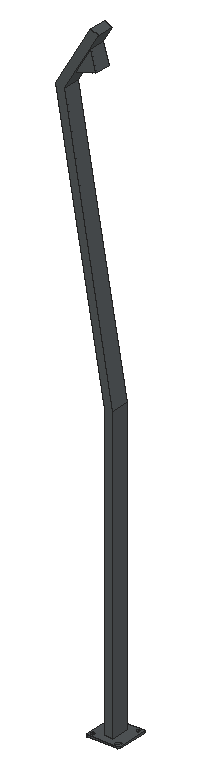
Revit family "Брейк", category Осветительные приборы, Revit 2019 (continued)
Parameters (values of type "ДТУ159с1 Светодиодный светильник Брейк ДТУ-159-AF-30Вт-4.5")
    .0 156.3 153.3 151.4 150.2 149.1 147.6\r\n 145.3 141.9 138.0 134.1 130.8 128.1 126.1 124.8 124.3 124.4 124.2 122.8 120.4 117.8 116.3 115.9 115.9 115.4 114.3 112.7 110.5\r\n 107.5 103.6 99.5 95.9 93.5 91.5 89.0 85.2 79.7 72.7 64.9 56.7 48.5 40.4 32.9 26.3 20.8 16.7 13.9 12.1 11.0 10.2 9.4 8.5 7.6 6.6\r\n 5.7 5.6\r\n325.0 298.6 276.3 261.6 253.7 250.1 246.0 240.2 233.3 227.5 223.5 220.1 216.1 210.9 206.1 202.3 200.4 198.9 196.9 193.3 188.6\r\n 183.3 178.5 174.5 171.6 168.8 165.6 161.2 156.6 153.2 151.5 150.4 148.1 143.6 137.1 130.4 124.8 121.0 118.7 117.0 115.4 113.3\r\n 110.6 107.1 103.1 98.9 94.9 91.3 88.4 86.2 84.6 83.4 82.0 80.1 77.7 75.4 73.8 73.0 72.6 71.9 70.9 69.2 67.2 64.6 61.6 58.5 55.8\r\n 53.7 52.0 50.1 47.6 44.3 40.2 35.7 31.3 27.2 23.4 20.0 16.9 14.4 12.6 11.4 10.7 10.1 9.6 8.8 8.0 7.1 6.2 5.3 4.9\r\n325.0 301.5 281.0 266.5 256.9 250.5 243.1 234.2 225.3 218.6 214.8 211.7 207.9 202.2 196.5 191.7 189.4 188.0 186.5 182.8 177.4\r\n 170.7 164.7 159.8 156.2 152.5 147.9 142.1 136.5 132.2 129.8 127.6 124.2 118.5 111.6 104.4 98.7 94.8 92.4 90.8 89.4 87.6 85.4 82.7\r\n 79.3 75.5 71.4 67.5 64.2 61.7 59.5 57.5 55.3 53.1 50.8 48.8 47.2 46.2 45.4 44.6 43.5 42.0 40.2 38.3 36.3 34.3 32.5 31.0 29.6 28.4\r\n 26.9 25.3 23.2 21.0 18.8 16.9 15.2 13.8 12.6 11.6 10.9 10.4 10.1 9.7 9.2 8.5 7.7 6.8 6.0 4.9 2.4\r\n325.0 302.6 282.7 267.8 256.6 248.1 238.6 228.4 218.6 211.4 207.6 204.7 200.9 194.7 188.0 182.0 179.0 177.6 176.5 173.1 167.0\r\n 159.1 151.7 145.6 141.0 136.4 131.2 124.9 119.0 114.4 111.3 108.4 104.5 98.9 92.5 86.1 80.8 77.0 74.7 73.2 72.1 71.0 69.6 67.8\r\n 65.2 61.9 58.0 54.3 51.2 48.6 46.3 43.8 41.3 38.9 36.7 34.9 33.3 32.2 31.2 30.4 29.5 28.3 27.0 25.6 24.3 23.2 22.2 21.1 20.0 19.1\r\n 18.3 17.6 16.9 15.9 14.7 13.6 12.6 11.9 11.4 11.0 10.7 10.4 10.0 9.6 9.0 8.3 7.6 6.8 6.0 5.1 3.8\r\n325.0 301.4 280.3 263.9 250.8 240.8 231.0 221.7 212.8 206.0 201.9 198.8 195.2 189.0 181.6 174.3 169.8 167.7 166.3 162.7 156.3\r\n 147.8 139.5 132.5 126.9 121.9 116.8 111.3 106.0 101.7 98.3 95.0 91.1 86.3 81.1 76.0 71.5 67.9 65.4 63.8 62.8 62.1 61.1 59.8 57.7\r\n 54.9 51.4 48.0 45.1 42.7 40.4 37.8 35.2 32.8 30.8 29.0 27.6 26.4 25.4 24.6 23.9 23.2 22.3 21.4 20.6 20.0 19.5 18.8 18.1 17.5 17.2\r\n 17.1 16.9 16.5 15.6 14.6 13.6 12.8 12.3 11.9 11.5 10.9 10.3 9.6 9.0 8.3 7.6 6.9 6.3 5.8 5.7\r\n325.0 298.8 275.2 256.3 241.1 230.2 221.2 214.1 207.1 201.2 196.9 193.9 191.0 185.7 178.1 169.5 162.7 158.3 155.0 150.6 144.1\r\n 136.2 128.2 121.4 115.9 111.3 107.1 103.0 98.9 95.1 91.5 87.9 84.0 80.0 76.2 72.4 68.8 65.4 62.5 60.3 58.9 58.0 57.2 56.1 54.2\r\n 51.6 48.4 45.3 42.6 40.3 38.0 35.5 33.1 30.9 29.1 27.5 26.2 25.0 24.1 23.5 23.0 22.6 22.1 21.5 21.1 20.8 20.7 20.6 20.5 20.4 20.6\r\n 20.9 21.0 20.7 19.7 18.3 16.8 15.5 14.5 13.7 12.9 12.0 10.9 9.9 9.1 8.4 7.8 7.2 6.6 6.2 7.0\r\n325.0 295.1 268.2 246.8 229.9 218.3 210.1 204.9 199.8 195.0 191.1 189.0 187.6 184.0 177.0 167.1 157.2 149.2 143.0 137.1 130.8\r\n 124.2 118.1 113.0 108.7 105.2 102.3 99.4 96.4 93.0 89.3 85.5 81.7 78.3 75.4 72.6 69.5 66.1 62.9 60.2 58.2 56.9 56.0 54.9 53.2\r\n 50.7 47.6 44.6 41.9 39.5 37.3 35.1 33.1 31.3 29.8 28.4 27.3 26.4 25.6 25.0 24.7 24.6 24.4 24.1 23.9 24.1 24.6 25.3 26.1 26.8 27.4\r\n 27.9 27.9 27.3 25.7 23.5 21.2 19.2 17.5 16.1 14.8 13.3 11.8 10.3 9.2 8.4 7.9 7.4 6.9 6.2 5.6\r\n325.0 290.9 260.9 237.6 220.0 208.1 200.2 195.4 191.2 187.2 184.2 183.3 183.6 181.9 175.8 165.1 152.4 140.8 131.5 124.2 118.2\r\n 113.6 110.0 107.3 104.9 102.7 100.7 98.5 96.0 92.9 89.3 85.5 81.9 79.0 76.7 74.3 71.4 67.9 64.5 61.5 59.2 57.6 56.5 55.4 53.7\r\n 51.2 48.1 45.0 42.1 39.7 37.6 35.8 34.3 33.0 31.9 31.0 30.2 29.5 28.9 28.5 28.3 28.3 28.3 28.4 28.7 29.5 30.8 32.5 34.2 35.6 36.5\r\n 36.8 36.3 34.9 32.3 29.0 25.7 22.9 20.5 18.5 16.6 14.6 12.6 10.7 9.3 8.4 7.8 7.5 7.0 6.2 3.9\r\n325.0 287.6 255.2 230.5 212.8 200.7 192.5 186.9 182.5 178.9 176.8 176.7 178.0 177.3 172.2 161.4 147.3 133.3 121.9 113.8 108.4\r\n 105.4 104.2 103.5 102.8 101.6 100.2 98.2 95.7 92.7 89.2 85.8 82.7 80.4 78.6 76.4 73.5 69.8 66.3 63.3 61.1 59.5 58.1 56.8 54.9\r\n 52.4 49.3 46.0 42.8 40.4 38.4 37.1 36.2 35.5 34.9 34.4 33.9 33.4 32.9 32.6 32.5 32.7 33.1 33.8 34.9 36.5 38.7 41.3 43.6 45.2 46.0\r\n 45.7 44.4 41.8 38.0 33.5 29.3 25.6 22.8 20.4 18.1 15.6 13.2 11.0 9.3 8.3 7.7 7.4 7.1 6.7 5.1\r\n325.0 286.0 252.2 226.4 208.5 196.3 187.8 181.1 176.3 172.7 171.2 171.0 171.7 170.8 166.1 155.9 141.9 127.3 115.3 106.9 102.2\r\n 100.3 100.3 100.8 101.2 100.8 99.9 98.1 95.4 92.0 88.6 85.4 83.0 81.4 80.2 78.3 75.4 71.7 68.1 65.3 63.2 61.5 60.0 58.3 56.1 53.5\r\n 50.2 46.8 43.6 41.1 39.5 38.7 38.3 38.1 37.8 37.5 37.1 36.7 36.2 35.9 35.9 36.5 37.6 39.2 41.3 43.8 46.8 49.8 52.2 53.6 53.8 52.9\r\n 50.7 47.0 42.1 36.5 31.5 27.3 24.1 21.5 18.8 16.1 13.5 11.2 9.4 8.3 7.6 7.2 6.9 6.9 10.1\r\n325.0 286.4 252.3 225.6 207.1 194.3 185.1 177.7 172.9 169.9 168.7 167.4 166.3 163.8 158.9 149.4 136.4 122.4 110.8 102.7 98.5 97.0\r\n 97.4 98.2 99.1 99.5 99.4 97.9 95.2 91.3 87.5 84.4 82.6 81.7 81.0 79.5 76.7 73.1 69.5 66.7 64.6 62.9 61.1 59.0 56.6 53.7 50.4 47.0\r\n 43.7 41.4 40.2 40.0 40.1 40.1 39.9 39.4 38.8 38.2 37.7 37.4 37.7 38.8 40.7 43.4 46.5 50.0 53.5 56.6 58.7 59.5 59.2 57.7 54.8 50.3\r\n 44.5 38.2 32.5 28.0 24.5 21.5 18.7 16.0 13.4 11.2 9.6 8.5 7.7 7.0 6.5 6.4 6.4\r\n325.0 287.9 254.4 227.3 207.7 193.6 183.4 175.7 171.6 169.6 168.5 166.1 162.9 158.6 152.8 143.6 131.6 118.6 107.8 100.2 96.2 94.6\r\n 94.9 95.6 96.7 97.7 98.3 97.4 94.8 90.5 86.5 83.4 82.0 81.4 80.9 79.6 77.0 73.4 69.8 66.9 64.8 63.1 61.2 58.9 56.2 53.1 49.7 46.3\r\n 43.3 41.4 40.7 40.9 41.2 41.1 40.6 39.8 38.8 38.0 37.4 37.3 37.9 39.6 42.3 45.8 49.7 53.9 57.8 60.9 62.7 63.1 62.4 60.7 57.4 52.4\r\n 46.0 39.1 32.9 28.0 24.1 20.9 18.0 15.3 13.0 11.2 9.8 8.7 7.8 6.9 6.1 5.1 3.4\r\n325.0 289.9 257.8 231.1 210.4 194.5 182.5 174.5 171.0 170.0 168.9 165.7 161.1 155.6 148.9 139.4 127.9 115.9 105.9 98.8 94.8 93.2\r\n 93.1 93.6 94.5 95.5 96.4 95.9 93.5 89.4 85.5 82.8 81.7 81.1 80.5 79.0 76.4 72.9 69.2 66.1 63.9 62.1 60.2 57.8 55.0 51.8 48.4 45.1\r\n 42.5 41.1 40.8 41.3 41.5 41.2 40.3 39.1 37.8 36.8 36.2 36.3 37.4 39.5 42.6 46.5 50.9 55.4 59.6 62.9 64.8 65.2 64.4 62.5 58.9 53.5\r\n 46.7 39.5 33.0 27.7 23.5 20.0 17.0 14.5 12.5 11.1 9.9 9.0 7.9 6.8 5.7 4.6 2.3\r\n325.0 291.3 261.2 236.1 215.4 197.8 183.6 174.5 170.9 169.9 168.6 165.4 160.8 155.3 148.2 138.6 127.2 115.6 105.9 98.9 94.8 93.1\r\n 92.8 93.0 93.3 93.8 94.2 93.6 91.5 88.0 84.8 82.7 81.8 81.1 80.1 78.3 75.6 72.0 68.3 65.0 62.6 60.7 58.8 56.4 53.5 50.4 47.1 44.2\r\n 42.0 41.0 41.0 41.4 41.5 41.0 39.8 38.5 37.1 36.1 35.7 36.0 37.2 39.3 42.4 46.2 50.5 55.1 59.5 63.1 65.2 65.9 65.2 63.1 59.4 53.8\r\n 46.8 39.5 33.0 27.4 23.0 19.4 16.4 14.1 12.3 11.1 10.1 9.2 8.1 6.9 5.7 4.5 4.3\r\n"
  built-in parameter 1150133 = 10 (stored number, unit not read)
  Wattage = 22.2159 W
  Материал рассеивателя = size_lookup(Таблица выбора, "M2", " ", ADSK_Артикул, ADSK_Размер_Высота)  # "Светотехнический ПК"
  built-in parameter 1150139 = (empty or 0)
  Корпус светильника = Антрацит
  Рассеиватель = Белый_светодиод
  Короб_Диаметр = 20 mm
  Климатическая зона = size_lookup(Таблица выбора, "TT", " ", ADSK_Артикул, ADSK_Размер_Высота)  # "УХЛ1"
  Класс пожароопасности = size_lookup(Таблица выбора, "F", " ", ADSK_Артикул, ADSK_Размер_Высота)  # "F (светильники предназначены для установки непосредственно на поверхность из нормально воспламеняемых материалов)"
  Класс защиты = size_lookup(Таблица выбора, "K", " ", ADSK_Артикул, ADSK_Размер_Высота)  # "1"
  built-in parameter 1150138 = (empty or 0)
  built-in parameter 1150107 = 3200 (stored number, unit not read)
  built-in parameter 1150102 = (empty or 0)
  Блок аварийного питания = no
  x2 = 30 mm
  x1 = 10 mm
  s_отверстия = 9 mm
  r_скругление фасонки = 15 mm
  l_отверстия = 20 mm
  a2 = 240 mm
  a1 = 180 mm
  S1 = 114 mm
  L_отступ до центра = 1000 mm
  L_отступ до конечной точки = 1500 mm
  IP Class = size_lookup(Таблица выбора, "I", " ", ADSK_Артикул, ADSK_Размер_Высота)  # "IP 67"
  H_конечной точки = 1500 mm
  H4 = 4479 mm
  H3 = 4055 mm
  H2 = 2097 mm
  H1 = 8 mm
  ADSK_Энергоэффективность = size_lookup(Таблица выбора, "E", 0 lm/W, ADSK_Артикул, ADSK_Размер_Высота)  # 110 lm/W
  ADSK_Фактическая мощность = size_lookup(Таблица выбора, "EF", 0 W, ADSK_Артикул, ADSK_Размер_Высота)  # 29 W
  ADSK_Ток = 0 A
  ADSK_Размер_Высота = 4500 mm
  ADSK_Примечание = ""
  ADSK_Полная мощность = 0 VA
  ADSK_Позиция = ""
  ADSK_Номинальная мощность = size_lookup(Таблица выбора, "ER", 0 W, ADSK_Артикул, ADSK_Размер_Высота)  # 30 W
  ADSK_Напряжение = 220 V  # constant formula
  ADSK_Наименование = size_lookup(Таблица выбора, "N", " ", ADSK_Артикул, ADSK_Размер_Высота)  # "ДТУ159с1 Светодиодный светильник Брейк ДТУ-159-AF-30Вт-4.5"
  ADSK_Модель = size_lookup(Таблица выбора, "M", " ", ADSK_Артикул, ADSK_Размер_Высота)  # "Брейк ДТУ-159-AF"
  ADSK_Масса_Текст = size_lookup(Таблица выбора, "M1", " ", ADSK_Артикул, ADSK_Размер_Высота)  # "41"
  ADSK_Масса = size_lookup(Таблица выбора, "MAS", 0, ADSK_Артикул, ADSK_Размер_Высота)  # 41
  ADSK_Коэффициент мощности = 0
  ADSK_Количество фаз числовое = 0
  ADSK_Количество фаз = 2  # constant formula
  ADSK_Код изделия = ""
  ADSK_Классификация нагрузок [instance] = Освещение
  ADSK_Завод-изготовитель = "ALFRESCO"  # constant formula
  ADSK_Единица измерения = "шт."  # constant formula
  ADSK_Артикул = "ДТУ159с1"
  ADSK_URL страницы изделия = "https://www.allfresco.ru/catalog/dekorativnoe_ulichnoe_osveshchenie/skaylayn/"
  60вт = no
Reference planes
  plane 1 "По центру (Вперед/Назад)": y = 0
  plane 2 "Основа": z = 0
  plane 3 "По центру (Влево/Вправо)": x = 0
  plane 4: y = 120
  plane 5: y = -120
  plane 6: x = -120
  plane 7: x = 120
  plane 8: x = -90
  plane 9: x = 90
  plane 10: y = 90
  plane 11: y = -90
  plane 12 "Верх фасонки": z = 8
  plane 13: z = 2097
  plane 14: z = 4479
  plane 15: z = 4055
  plane 16: y = 57
  plane 17: y = -57
Forms (mm)
  Extrusion 1, solid, material "Антрацит" <- "Корпус светильника", detail levels medium+fine
    sketch origin (0, 0, 0) x (1, 0, 0) y (0, 1, 0)
      loop
        arc (-105, 120) -> (-115.607, 115.607) -> (-120, 105) r 15
        line (-120, 105) -> (-120, -105)
        arc (-120, -105) -> (-115.607, -115.607) -> (-105, -120) r 15
        line (-105, -120) -> (105, -120)
        arc (105, -120) -> (115.607, -115.607) -> (120, -105) r 15
        line (120, -105) -> (120, 105)
        arc (120, 105) -> (115.607, 115.607) -> (105, 120) r 15
        line (105, 120) -> (-105, 120)
      loop
        spline (-104.142, 75.858) -> (-102.013, 74.693) -> (-99.065, 74.571) -> (-95.5, 75.5) -> (-91.56, 77.418) -> (-87.513, 80.193) -> (-83.636, 83.636) -> (-80.193, 87.513) -> (-77.418, 91.56) -> (-75.5, 95.5) -> (-74.571, 99.065) -> (-74.693, 102.013) -> (-75.858, 104.142)
        spline (-75.858, 104.142) -> (-77.987, 105.307) -> (-80.935, 105.429) -> (-84.5, 104.5) -> (-88.44, 102.582) -> (-92.487, 99.807) -> (-96.364, 96.364) -> (-99.807, 92.487) -> (-102.582, 88.44) -> (-104.5, 84.5) -> (-105.429, 80.935) -> (-105.307, 77.987) -> (-104.142, 75.858)
      loop
        spline (-75.858, -104.142) -> (-74.693, -102.013) -> (-74.571, -99.065) -> (-75.5, -95.5) -> (-77.418, -91.56) -> (-80.193, -87.513) -> (-83.636, -83.636) -> (-87.513, -80.193) -> (-91.56, -77.418) -> (-95.5, -75.5) -> (-99.065, -74.571) -> (-102.013, -74.693) -> (-104.142, -75.858)
        spline (-104.142, -75.858) -> (-105.307, -77.987) -> (-105.429, -80.935) -> (-104.5, -84.5) -> (-102.582, -88.44) -> (-99.807, -92.487) -> (-96.364, -96.364) -> (-92.487, -99.807) -> (-88.44, -102.582) -> (-84.5, -104.5) -> (-80.935, -105.429) -> (-77.987, -105.307) -> (-75.858, -104.142)
      loop
        spline (75.858, 104.142) -> (74.693, 102.013) -> (74.571, 99.065) -> (75.5, 95.5) -> (77.418, 91.56) -> (80.193, 87.513) -> (83.636, 83.636) -> (87.513, 80.193) -> (91.56, 77.418) -> (95.5, 75.5) -> (99.065, 74.571) -> (102.013, 74.693) -> (104.142, 75.858)
        spline (104.142, 75.858) -> (105.307, 77.987) -> (105.429, 80.935) -> (104.5, 84.5) -> (102.582, 88.44) -> (99.807, 92.487) -> (96.364, 96.364) -> (92.487, 99.807) -> (88.44, 102.582) -> (84.5, 104.5) -> (80.935, 105.429) -> (77.987, 105.307) -> (75.858, 104.142)
      loop
        spline (75.858, -104.142) -> (77.987, -105.307) -> (80.935, -105.429) -> (84.5, -104.5) -> (88.44, -102.582) -> (92.487, -99.807) -> (96.364, -96.364) -> (99.807, -92.487) -> (102.582, -88.44) -> (104.5, -84.5) -> (105.429, -80.935) -> (105.307, -77.987) -> (104.142, -75.858)
        spline (104.142, -75.858) -> (102.013, -74.693) -> (99.065, -74.571) -> (95.5, -75.5) -> (91.56, -77.418) -> (87.513, -80.193) -> (83.636, -83.636) -> (80.193, -87.513) -> (77.418, -91.56) -> (75.5, -95.5) -> (74.571, -99.065) -> (74.693, -102.013) -> (75.858, -104.142)
    from 0 to 8
  Sweep 2, solid, material "Антрацит" <- "Корпус светильника", detail levels medium+fine
    path origin (0, 0, 0) x (1, 0, 0) y (0, 0, 1)
      loop
        line (0, 8) -> (0, 2097) -> (-345.248, 4055) -> (-100.452, 4479)
    profile "Профиль Брейк : Профиль Брейк" origin (0, 0, 1052.5) x (-1, 0, 0) y (0, -1, 0)
      loop
        line (-30, -60) -> (30, -60) -> (30, 60) -> (-30, 60) -> (-30, -60)
  Extrusion 3, solid, material "Антрацит" <- "Корпус светильника", detail levels medium+fine
    sketch origin (0, 0, 0) x (1, 0, 0) y (0, 0, 1)
      loop
        line (-132.71, 4363.126) -> (-238.776, 4179.415) -> (-93.887, 4218.238) -> (-132.71, 4363.126)
    from -57 to 57
  Extrusion 4, solid, material "Антрацит" <- "Корпус светильника", visible <- "60вт", detail levels medium+fine
    sketch origin (-1972.835, 0, -112.241) x (-0.939693, 0, 0.34202) y (-0.34202, 0, -0.939693)
      loop
        line (-132.71, -4363.126) -> (-93.887, -4218.238) -> (-238.776, -4179.415) -> (-132.71, -4363.126)
    from -57 to 57
  Extrusion 5, solid, material "Белый_светодиод" <- "Рассеиватель", detail levels medium+fine
    sketch origin (-248.436, 0, 4176.827) x (0.965926, 0, 0.258819) y (0, -1, 0)
      loop
        line (130, 47) -> (40, 47) -> (40, -47) -> (130, -47) -> (130, 47)
    from 0 to 1
  Extrusion 6, solid, material "Белый_светодиод" <- "Рассеиватель", visible <- "60вт", detail levels medium+fine
    sketch origin (-310.823, 0, 3727.722) x (-0.819152, 0, 0.573576) y (0, 1, 0)
      loop
        line (130, 47) -> (40, 47) -> (40, -47) -> (130, -47) -> (130, 47)
    from 0 to 1
Lines and regions (mm)
  model lines, detail levels coarse
    curve 1: line (0, 0, 0) -> (0, 0, 2097)
    curve 2: line (0, 0, 2097) -> (-345.248, 0, 4055)
    curve 3: line (-345.248, 0, 4055) -> (-100.452, 0, 4479)
    curve 4: line (-120, 0, 0) -> (120, 0, 0)
    curve 5: line (-119.868, 0, 4233.238) -> (-158.691, 0, 4378.126)
    curve 6: line (-264.757, 0, 4194.415) -> (-119.868, 0, 4233.238)
  model lines, visible <- "60вт", detail levels coarse
    curve 7: line (-326.307, 0, 3947.576) -> (-412.343, 0, 3824.703)
    curve 8: line (-412.343, 0, 3824.703) -> (-289.47, 0, 3738.667)
Dimensions and locks
  equal spacing: plane 6, plane 3 "По центру (Влево/Вправо)", plane 7
  "a2": plane 6 to plane 7
  equal spacing: plane 4, plane 1 "По центру (Вперед/Назад)", plane 5
  "a2": plane 4 to plane 5
  equal spacing: plane 8, plane 3 "По центру (Влево/Вправо)", plane 9
  "a1": plane 8 to plane 9
  equal spacing: plane 10, plane 1 "По центру (Вперед/Назад)", plane 11
  "a1": plane 10 to plane 11
  "H1": plane 12 "Верх фасонки" to plane 2 "Основа"
  "H2": plane 13 to plane 2 "Основа"
  "H3": plane 15 to plane 2 "Основа"
  "H4": plane 14 to plane 2 "Основа"
  "l_отверстия": Extrusion 1 sketch curve to Extrusion 1 sketch curve
  "s_отверстия": Extrusion 1 sketch curve to Extrusion 1 sketch curve
  equal spacing: plane 16, plane 1 "По центру (Вперед/Назад)", plane 17
  "S1": plane 16 to plane 17
  Sweep 2 to Extrusion 4 = 120 mm
  Sweep 2 to Extrusion 3 = 150.063 mm
  "x2": Extrusion 5 sketch curve to Extrusion 3
  "x2": Extrusion 3 to Extrusion 5 sketch curve
  "x1": Extrusion 3 to Extrusion 5 sketch curve
  "x1": Extrusion 5 sketch curve to Extrusion 3
  "x2": Extrusion 4 to Extrusion 6 sketch curve
  "x2": Extrusion 6 sketch curve to Extrusion 4
  "x1": Extrusion 6 sketch curve to Extrusion 4  (x2)
  "r_скругление фасонки": radius of Extrusion 1 sketch curve  (x4)
  locked: Sweep 2 sketch curve to Sweep 2 sketch curve (angle 170.00°)
  angle Sweep 2 sketch curve to Sweep 2 sketch curve = 140.00°
  aligned and locked: level to plane 2 "Основа"
  aligned and locked: Extrusion 1 sketch curve to plane 4
  aligned and locked: plane 6 to Extrusion 1 sketch curve
  aligned and locked: Extrusion 1 sketch curve to plane 7
  aligned and locked: plane 5 to Extrusion 1 sketch curve
  aligned and locked: Extrusion 1 to level
  aligned and locked: plane 12 "Верх фасонки" to Extrusion 1
  aligned and locked: plane 10 to Extrusion 1 sketch curve  (x2)
  aligned and locked: plane 8 to Extrusion 1 sketch curve  (x2)
  aligned and locked: plane 11 to Extrusion 1 sketch curve  (x2)
  aligned and locked: plane 9 to Extrusion 1 sketch curve  (x2)
  aligned and locked: plane 3 "По центру (Влево/Вправо)" to Sweep 2 sketch curve
  aligned and locked: plane 12 "Верх фасонки" to Sweep 2 sketch curve
  aligned and locked: plane 13 to Sweep 2 sketch curve
  aligned and locked: plane 15 to Sweep 2 sketch curve
  aligned and locked: plane 14 to Sweep 2 sketch curve
  aligned and locked: Extrusion 3 to plane 16
  aligned and locked: Extrusion 3 to plane 17
  aligned and locked: Extrusion 5 to Extrusion 3
  aligned and locked: Extrusion 6 to Extrusion 4
  aligned and locked: curve 4 to plane 2 "Основа"
  aligned and locked: plane 6 to curve 4
  aligned and locked: plane 7 to curve 4
  aligned and locked: plane 3 "По центру (Влево/Вправо)" to curve 1
  aligned and locked: plane 2 "Основа" to curve 1
  aligned and locked: plane 13 to curve 2
  aligned and locked: plane 15 to curve 3
  aligned and locked: plane 14 to curve 3
  aligned and locked: plane 3 "По центру (Влево/Вправо)" to nested 1
  aligned and locked: plane 1 "По центру (Вперед/Назад)" to nested 1
  aligned and locked: imposter light to Extrusion 3  (x2)
Automatic sketch dimensions
  curve 3 to plane 8 = 10.452 mm
  Extrusion 3 sketch curve to plane 6 = 118.776 mm
  Extrusion 3 sketch curve to plane 6 = 12.71 mm
  Extrusion 3 sketch curve to plane 8 = 3.887 mm
  plane 15 to Extrusion 3 sketch curve = 124.415 mm
  Extrusion 3 sketch curve to Extrusion 3 sketch curve = 38.823 mm
  Extrusion 4 sketch curve to plane 6 = 199.014 mm
  Extrusion 4 sketch curve to plane 15 = 321.542 mm
  Extrusion 4 sketch curve to Extrusion 4 sketch curve = 106.066 mm
  Extrusion 4 sketch curve to Extrusion 4 sketch curve = 38.823 mm  (x2)
  curve 2 to curve 7 = 18.942 mm
  curve 5 to plane 6 = 38.691 mm
  plane 15 to curve 6 = 139.415 mm
  plane 6 to curve 5 = 0.132 mm
  curve 6 to curve 5 = 144.889 mm
  curve 8 to plane 6 = 169.47 mm
  curve 7 to plane 15 = 230.297 mm
  plane 8 to Extrusion 1 sketch curve = 14.142 mm
  Extrusion 1 sketch curve to plane 9 = 14.142 mm  (x2)
Nested families
  nested 1: "УГО план" at (0, 0, 0), type "УГО план"
Connectors
  cabletrayconduit at (0, 0, 0), diameter 20, driven by "Короб_Диаметр"
    settings: on Extrusion 1, index 1, connector width 300 mm, connector height 300 mm, connector angle 0.00°, system type 32, placement type 0, profile type 0, connector reference index -1, is primary connector yes, connector utility param no, connector description ""
  electrical at (0, 0, 0), driven by "ADSK_Количество фаз", driven by "ADSK_Классификация нагрузок", driven by "ADSK_Напряжение", driven by "ADSK_Полная мощность"
    settings: on Extrusion 1, index 2, voltage 220 V, apparent load 0 VA, apparent load phase1 0 VA, apparent load phase2 0 VA, apparent load phase3 0 VA, power factor 1, load classification "Освещение", number of poles 2, system type 30, power factor state 1, is connector primary yes, connector utility no, sub classification motor no, connector description ""
Definition of nested family "УГО план"
  Parameters (values of type "УГО план")
    Default Elevation = 1219.2 mm
    r_УГО = 250 mm
    l_Отступ линий = r_УГО * 0.52  # 130 mm
    d_УГО = r_УГО * 2  # 500 mm
  Reference planes
    plane 1 "По центру (Вперед/Назад)": y = 0
    plane 2: z = 0
    plane 3 "По центру (Влево/Вправо)": x = 0
    plane 4: y = 250
    plane 5: y = -250
    plane 6: x = -250
    plane 7: x = 250
    plane 8: x = -120
    plane 9: x = 120
  Lines and regions (mm)
    symbolic lines
      curve 1: circle (0, 0, 0) r 250 normal (0, 0, 1)
      curve 2: line (-120, 219.317, 0) -> (-120, -219.317, 0)
      curve 3: line (120, 219.317, 0) -> (120, -219.317, 0)
  Dimensions and locks
    equal spacing: plane 4, plane 1 "По центру (Вперед/Назад)", plane 5
    "d_УГО": plane 4 to plane 5
    equal spacing: plane 6, plane 3 "По центру (Влево/Вправо)", plane 7
    "d_УГО": plane 6 to plane 7
    "l_Отступ линий": plane 6 to plane 8
    "l_Отступ линий": plane 9 to plane 7
    "r_УГО": radius of curve 1
    aligned and locked: level to plane 2
    aligned and locked: plane 3 "По центру (Влево/Вправо)" to curve 1
    aligned and locked: plane 1 "По центру (Вперед/Назад)" to curve 1
    aligned and locked: curve 2 to plane 8
    aligned and locked: curve 3 to plane 9
